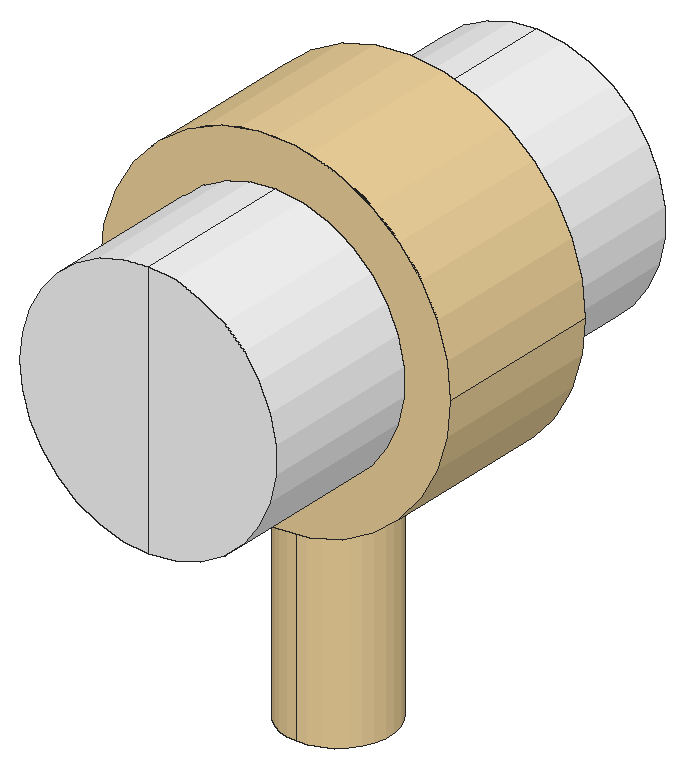
Revit family "H20-color-persona-knob-revit-family", category Furniture, Revit 2022
Family settings
  Work Plane-Based = Yes
  Always vertical = No
  Cut with Voids When Loaded = No
  Render Appearance Source = Family Geometry
  Shared = No
  Room Calculation Point = No
Parameters (values of type "H20, Color Persona Knob")
  URL = "https://www.duttonbrown.com/products/color-persona-knob-hardware"
  SKU number = "H20"
  Model = "Color Persona Knob"
  Manufacturer = "Dutton Brown"
  Height = 0"
  Finish Options [instance] = Dutton Brown - Finish - Brass
  Default Elevation = 48"
  Color Options [instance] = Dutton Brown - Color - White
Reference planes (in)
  plane 1 "Center (Front/Back)": y = 0
  plane 2: z = 0
  plane 3 "Center (Left/Right)": x = 0
Forms (in)
  Revolve 1, solid, material "Dutton Brown - Color - White" <- "Color Options"
    sketch origin (0, 0.75136, 1.30185) x (0, 1, 0) y (0, 0, -1)
      loop
        line (-0.16705, 0.41307) -> (-0.16705, 0.71622) -> (-0.54107, 0.71622) -> (-0.54107, 0.41307) -> (-0.16705, 0.41307)
      axis (-0.16705, 0.41307) -> (-0.54107, 0.41307)
    angle from 0 to 360
  Extrusion 2, void
    sketch origin (0, -0.01636, -0.69492) x (1, 0, 0) y (0, 1, 0)
      loop
        circle (0, 0.01636) r 0.06696
    from -1.10553 to 1.19509
  Revolve 3, solid, material "Dutton Brown - Finish - Brass" <- "Finish Options"
    sketch origin (0, -0.01636, 1.30185) x (0, 1, 0) y (0, 0, -1)
      loop
        line (0.01636, 1.30185) -> (-0.10639, 1.30185) -> (-0.10639, 0.80168) -> (0.01636, 0.80168) -> (0.01636, 1.30185)
      axis (0.01636, 0.80168) -> (0.01636, 1.30185)
    angle from 0 to 360
  Extrusion 4, solid, material "Dutton Brown - Finish - Brass" <- "Finish Options"
    sketch origin (0, -0.01636, 1.30185) x (1, 0, 0) y (0, 0, -1)
      loop
        circle (0, 0.41307) r 0.41261
    from -0.16705 to 0.22665
  Revolve 5, solid, material "Dutton Brown - Color - White" <- "Color Options"
    sketch origin (0, -0.01636, 1.30185) x (0, 1, 0) y (0, 0, -1)
      loop
        line (-0.16705, 0.41307) -> (-0.16705, 0.71622) -> (-0.54107, 0.71622) -> (-0.54107, 0.41307) -> (-0.16705, 0.41307)
      axis (-0.16705, 0.41307) -> (-0.54107, 0.41307)
    angle from 0 to 360
Cuts and joins
  Extrusion 2 cuts Revolve 3
  joined: Revolve 3, Extrusion 4
Dimensions and locks (in)
  aligned and locked: level to plane 2
